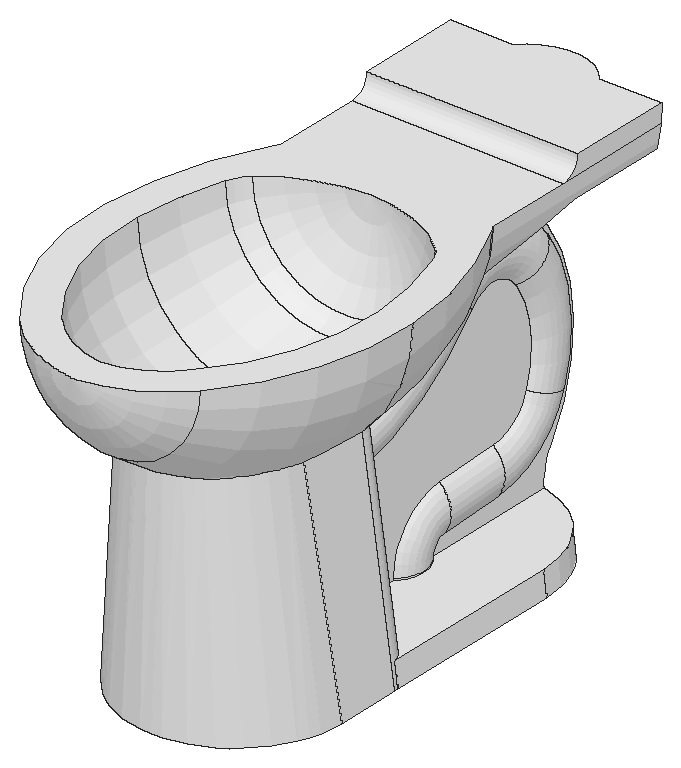
Revit family "Bowl-Toilet-American_Standard-Cadet-3517A.101.020", category Plumbing Fixtures, Revit 2015
Parameters (values of type "215AA 004.020")
  Width = 17 3/8"
  Waste Connection Radius = 1 1/16"
  Waste Connection Diameter = Waste Connection Radius * 2  # 2 1/8"
  Waste Connection = yes
  Warranty Information = "5 Years Limited"
  WFU = 5
  Vent Connection = no
  URL = "http://www.americanstandard-us.com"
  Type Comments = "Available Finishes: White, Linen, Bone and Black."
  Shipping Weight = "80lb (40.7kg)"
  Right Trip Lever = no
  Revised Date = "01/14/2019"  # constant formula
  Product Page URL = "https://www.americanstandard-us.com/bathroom/toilets/cadet-pro-right-height-elongated-16-gpf-toilet-22958"
  Product Documentation Link = "https://www.americanstandard-us.com/-/media/sites/asus/files/product-specs/bulk/specsheet215aa004.pdf?la=en"
  Price = "Prices may vary. Please consult Manufacturer Representative for most up-to-date price list."  # constant formula
  Model = "215AA 004.020"
  Material = "Vitreous China-American Standard-020-White"
  Manufacturer = "American Standard"
  Length = 30 1/8"
  Left Trip Lever = yes
  Installation Type = "Floor Mounted"
  Height = 30 3/8"
  HWFU = 0
  HW Connection = no
  Flush Rate = "1.6 gpf (6.0Lpf)"
  Finish = Vitreous China-American Standard-020-White
  Description = "Cadet PRO Right Height Elongated 1.6 gpf Toilet"
  Default Elevation = 0"
  Creation Date = "13/11/2012"  # constant formula
  Cold Water Connection Width = 6"
  Cold Water Connection Radius = 1/4"
  Cold Water Connection Height = 10"
  Cold Water Connection Diameter = Cold Water Connection Radius * 2  # 1/2"
  CWFU = 5
  CW Connection = yes
  Bowl Shape = "Elongated"
  Assembly Code = "D2010110"
  Aquaguard Liner = no
  ADA Compliant = yes
Types (14): name | Type Comments | Right Trip Lever | Product Page URL | Product Documentation Link | Model | Material | Left Trip Lever | Flush Rate | Finish | Description | Aquaguard Liner
  215AA.104.020 | "Available Finishes: White, Linen, Bone and Black." | no | "https://www.americanstandard-us.com/bathroom/toilets/cadet-pro-right-height-elongated-128-gpf-toilet-22685" | "https://www.americanstandard-us.com/-/media/sites/asus/files/product-specs/bulk/specsheet215aa104.pdf?la=en" | "215AA.104.020" | "Vitreous China-American Standard-020-White" | yes | "1.28 gpf (4.8Lpf)" | Vitreous China-American Standard-020-White | "Cadet PRO Right Height Elongated 1.28 gpf Toilet" | no
  215AA.154.020 | "Available Finishes: White, Linen and Bone." | no | "https://www.americanstandard-us.com/bathroom/toilets/cadet-pro-right-height-elongated-128-gpf-toilet-22685" | "https://www.americanstandard-us.com/-/media/sites/asus/files/product-specs/bulk/specsheet215aa104.pdf?la=en" | "215AA.154.020" | "Vitreous China-American Standard-020-White" | yes | "1.28 gpf (4.8Lpf)" | Vitreous China-American Standard-020-White | "Cadet PRO Right Height Elongated 1.28 gpf Toilet" | yes
  215AA 004.020 | "Available Finishes: White, Linen, Bone and Black." | no | "https://www.americanstandard-us.com/bathroom/toilets/cadet-pro-right-height-elongated-16-gpf-toilet-22958" | "https://www.americanstandard-us.com/-/media/sites/asus/files/product-specs/bulk/specsheet215aa004.pdf?la=en" | "215AA 004.020" | "Vitreous China-American Standard-020-White" | yes | "1.6 gpf (6.0Lpf)" | Vitreous China-American Standard-020-White | "Cadet PRO Right Height Elongated 1.6 gpf Toilet" | no
  215AA 004.021 | "Available Finishes: White, Linen, Bone and Black." | no | "https://www.americanstandard-us.com/bathroom/toilets/cadet-pro-right-height-elongated-16-gpf-toilet-22958" | "https://www.americanstandard-us.com/-/media/sites/asus/files/product-specs/bulk/specsheet215aa004.pdf?la=en" | "215AA 004.021" | "Vitreous China-American Standard-021-Bone" | yes | "1.6 gpf (6.0Lpf)" | Vitreous China-American Standard-021-Bone | "Cadet PRO Right Height Elongated 1.6 gpf Toilet" | no
  215AA 004.222 | "Available Finishes: White, Linen, Bone and Black." | no | "https://www.americanstandard-us.com/bathroom/toilets/cadet-pro-right-height-elongated-16-gpf-toilet-22958" | "https://www.americanstandard-us.com/-/media/sites/asus/files/product-specs/bulk/specsheet215aa004.pdf?la=en" | "215AA 004.222" | "Vitreous China-American Standard-222-Linen" | yes | "1.6 gpf (6.0Lpf)" | Vitreous China-American Standard-222-Linen | "Cadet PRO Right Height Elongated 1.6 gpf Toilet" | no
  215AA.005.020 | "Available Finishes: White, Linen, Bone and Black." | yes | "https://www.americanstandard-us.com/bathroom/toilets/cadet-pro-right-height-elongated-16-gpf-toilet-22958" | "https://www.americanstandard-us.com/-/media/sites/asus/files/product-specs/bulk/specsheet215aa004.pdf?la=en" | "215AA.005.020" | "Vitreous China-American Standard-020-White" | no | "1.6 gpf (6.0Lpf)" | Vitreous China-American Standard-020-White | "Cadet PRO Right Height Elongated 1.6 gpf Toilet" | no
  215AA.104.021 | "Available Finishes: White, Linen, Bone and Black." | no | "https://www.americanstandard-us.com/bathroom/toilets/cadet-pro-right-height-elongated-128-gpf-toilet-22685" | "https://www.americanstandard-us.com/-/media/sites/asus/files/product-specs/bulk/specsheet215aa104.pdf?la=en" | "215AA.104.021" | "Vitreous China-American Standard-021-Bone" | yes | "1.28 gpf (4.8Lpf)" | Vitreous China-American Standard-021-Bone | "Cadet PRO Right Height Elongated 1.28 gpf Toilet" | no
  215AA.104.222 | "Available Finishes: White, Linen, Bone and Black." | no | "https://www.americanstandard-us.com/bathroom/toilets/cadet-pro-right-height-elongated-128-gpf-toilet-22685" | "https://www.americanstandard-us.com/-/media/sites/asus/files/product-specs/bulk/specsheet215aa104.pdf?la=en" | "215AA.104.222" | "Vitreous China-American Standard-222-Linen" | yes | "1.28 gpf (4.8Lpf)" | Vitreous China-American Standard-222-Linen | "Cadet PRO Right Height Elongated 1.28 gpf Toilet" | no
  215AA.105.020 | "Available Finishes: White, Linen, Bone and Black." | yes | "https://www.americanstandard-us.com/bathroom/toilets/cadet-pro-right-height-elongated-128-gpf-toilet-22685" | "https://www.americanstandard-us.com/-/media/sites/asus/files/product-specs/bulk/specsheet215aa104.pdf?la=en" | "215AA.105.020" | "Vitreous China-American Standard-020-White" | no | "1.28 gpf (4.8Lpf)" | Vitreous China-American Standard-020-White | "Cadet PRO Right Height Elongated 1.28 gpf Toilet" | no
  215AA.154.021 | "Available Finishes: White, Linen and Bone." | no | "https://www.americanstandard-us.com/bathroom/toilets/cadet-pro-right-height-elongated-128-gpf-toilet-22685" | "https://www.americanstandard-us.com/-/media/sites/asus/files/product-specs/bulk/specsheet215aa104.pdf?la=en" | "215AA.154.021" | "Vitreous China-American Standard-021-Bone" | yes | "1.28 gpf (4.8Lpf)" | Vitreous China-American Standard-021-Bone | "Cadet PRO Right Height Elongated 1.28 gpf Toilet" | yes
  215AA.154.222 | "Available Finishes: White, Linen and Bone." | no | "https://www.americanstandard-us.com/bathroom/toilets/cadet-pro-right-height-elongated-128-gpf-toilet-22685" | "https://www.americanstandard-us.com/-/media/sites/asus/files/product-specs/bulk/specsheet215aa104.pdf?la=en" | "215AA.154.222" | "Vitreous China-American Standard-222-Linen" | yes | "1.28 gpf (4.8Lpf)" | Vitreous China-American Standard-222-Linen | "Cadet PRO Right Height Elongated 1.28 gpf Toilet" | yes
  215AA 054.020 | "Available Finishes: White, Linen, Bone and Black." | no | "https://www.americanstandard-us.com/bathroom/toilets/cadet-pro-right-height-elongated-16-gpf-toilet-22958" | "https://www.americanstandard-us.com/-/media/sites/asus/files/product-specs/bulk/specsheet215aa004.pdf?la=en" | "215AA 054.020" | "Vitreous China-American Standard-020-White" | yes | "1.6 gpf (6.0Lpf)" | Vitreous China-American Standard-020-White | "Cadet PRO Right Height Elongated 1.6 gpf Toilet" | yes
  215AA 054.021 | "Available Finishes: White, Linen, Bone and Black." | no | "https://www.americanstandard-us.com/bathroom/toilets/cadet-pro-right-height-elongated-16-gpf-toilet-22958" | "https://www.americanstandard-us.com/-/media/sites/asus/files/product-specs/bulk/specsheet215aa004.pdf?la=en" | "215AA 054.021" | "Vitreous China-American Standard-021-Bone" | yes | "1.6 gpf (6.0Lpf)" | Vitreous China-American Standard-021-Bone | "Cadet PRO Right Height Elongated 1.6 gpf Toilet" | yes
  215AA 054.222 | "Available Finishes: White, Linen, Bone and Black." | no | "https://www.americanstandard-us.com/bathroom/toilets/cadet-pro-right-height-elongated-16-gpf-toilet-22958" | "https://www.americanstandard-us.com/-/media/sites/asus/files/product-specs/bulk/specsheet215aa004.pdf?la=en" | "215AA 054.222" | "Vitreous China-American Standard-222-Linen" | yes | "1.6 gpf (6.0Lpf)" | Vitreous China-American Standard-222-Linen | "Cadet PRO Right Height Elongated 1.6 gpf Toilet" | yes
Reference planes (in)
  plane 1 "Center (Front/Back)": y = 0
  plane 2: z = 0
  plane 3 "Center (Left/Right)": x = 0
  plane 4: z = 16.5
  plane 5: y = -12
  plane 6: y = -25.625
  plane 7: y = -30.125
  plane 8: x = 7
  plane 9: x = -4.8125
  plane 10: x = 4.8125
  plane 11: x = -8.6875
  plane 12: x = 8.6875
  plane 13: z = 30.375
  plane 14: x = -6
  plane 15: z = 10
Forms (in)
  Revolve 1, solid, material "Vitreous China-American Standard-020-White" <- "Finish"
    sketch origin (0, -56, 16.5) x (-1, 0, 0) y (0, -1, 0)
      loop
        arc (-4.12967, -28.04262) -> (-6.37119, -32.00154) -> (-7, -36.50732) r 12.15415
        arc (-7, -36.50732) -> (-6.40061, -40.13217) -> (-4.99558, -43.52699) r 16.11172
        arc (-4.99558, -43.52699) -> (-2.89847, -45.67803) -> (0, -46.46783) r 5.7134
        line (0, -46.46783) -> (0, -42.90581)
        arc (0, -42.90581) -> (-2.23093, -42.49218) -> (-4.1667, -41.30856) r 6.2431
        arc (-4.1667, -41.30856) -> (-4.49736, -40.9258) -> (-4.72141, -40.47232) r 2
        arc (-4.72141, -40.47232) -> (-5.2545, -38.48023) -> (-5.50185, -36.43294) r 14.61172
        arc (-5.50185, -36.43294) -> (-4.95064, -32.48324) -> (-2.98576, -29.01291) r 10.65415
        arc (-2.98576, -29.01291) -> (-1.64441, -27.92052) -> (0, -27.38342) r 4.73049
        line (0, -27.38342) -> (0, -25.87348)
        arc (0, -25.87348) -> (-2.2755, -26.55699) -> (-4.12967, -28.04262) r 6.23049
      axis (0, -25.87348) -> (0, -46.46783)
    angle from 0 to 180
  Blend 2, solid, material "Vitreous China-American Standard-020-White" <- "Finish"
    base sketch origin (0, 0, 0) x (1, 0, 0) y (0, 1, 0)
      loop
        arc (-3.8125, -16.75) -> (-4.51961, -17.04289) -> (-4.8125, -17.75) r 1
        line (-4.8125, -17.75) -> (-4.8125, -20.8125)
        arc (-4.8125, -20.8125) -> (0, -25.625) -> (4.8125, -20.8125) r 4.8125
        line (4.8125, -20.8125) -> (4.8125, -17.75)
        arc (4.8125, -17.75) -> (4.51961, -17.04289) -> (3.8125, -16.75) r 1
        line (3.8125, -16.75) -> (-3.8125, -16.75)
    top sketch origin (0, 0, 0) x (1, 0, 0) y (0, 1, 0)
      loop
        arc (-3.75, -21.6875) -> (0, -25.4375) -> (3.75, -21.6875) r 3.75
        line (3.75, -21.6875) -> (3.75, -18.33927)
        arc (3.75, -18.33927) -> (3.54057, -17.7269) -> (3, -17.37103) r 1
        line (3, -17.37103) -> (-2.75, -17.37103)
        arc (-2.75, -17.37103) -> (-3.45711, -17.66392) -> (-3.75, -18.37103) r 1
        line (-3.75, -18.37103) -> (-3.75, -21.6875)
    from 0 to 10.89525
  Extrusion 3, solid, material "Vitreous China-American Standard-020-White" <- "Finish"
    sketch origin (0, 0, 0) x (0, 1, 0) y (0, 0, 1)
      loop
        line (-12.25, 14.27465) -> (-7.35095, 15.49612) -> (-2.71683, 15.49612) -> (-2.55632, 17.33072) -> (-7.32075, 17.33072)
        arc (-7.32075, 17.33072) -> (-7.56407, 16.74331) -> (-8.15147, 16.5) r 0.83072
        line (-8.15147, 16.5) -> (-12.25, 16.5) -> (-12.25, 14.27465)
    from -4.8125 to 4.8125
  Extrusion 4, void
    sketch origin (0, 0, 0) x (1, 0, 0) y (0, 0, 1)
      loop
        line (-4.8125, 16.5) -> (-6.09692, 16.5) -> (-4.84115, 13.80699) -> (-3.98846, 13.80699)
        arc (-3.98846, 13.80699) -> (-4.60188, 15.09187) -> (-4.8125, 16.5) r 4.8125
      loop
        arc (4.8125, 16.5) -> (4.60188, 15.09187) -> (3.98846, 13.80699) r 4.8125
        line (3.98846, 13.80699) -> (4.64815, 13.80699) -> (5.90392, 16.5) -> (4.8125, 16.5)
    from 0 to 13.84683
  Sweep 5, solid, material "Vitreous China-American Standard-020-White" <- "Finish"
    path origin (0, 0, 0) x (0, 1, 0) y (0, 0, 1)
      loop
        line (-12, -0.01756) -> (-12, 1.20141)
        arc (-12, 1.20141) -> (-11.54229, 2.34867) -> (-10.42056, 2.8658) r 1.66667
        line (-10.42056, 2.8658) -> (-7.3527, 3.02658)
        arc (-7.3527, 3.02658) -> (-5.57994, 3.66678) -> (-4.46063, 5.18325) r 3.25
        arc (-4.46063, 5.18325) -> (-4.15543, 8.05407) -> (-5.18744, 10.75031) r 6.18053
        arc (-5.18744, 10.75031) -> (-7.32561, 11.94157) -> (-9.56637, 10.95674) r 2.75
        arc (-9.56637, 10.95674) -> (-13.3438, 8.13803) -> (-17.98696, 7.32856) r 10.15358
    profile origin (0, -12, 0.59192) x (0, -1, 0) y (1, 0, 0)
      loop
        circle (0, 0) r 1.5
  Extrusion 6, solid, material "Vitreous China-American Standard-020-White" <- "Finish"
    sketch origin (0.13358, 0, 0) x (0, 1, 0) y (0, 0, 1)
      loop
        line (-2.71683, 15.49612) -> (-8.60345, 15.49612) -> (-11.8294, 14.6918) -> (-19.64375, 7.79351) -> (-19.06033, 1.125) -> (-4.45903, 1.125) -> (-4.47521, 1.30995)
        arc (-4.47521, 1.30995) -> (-4.41652, 2.07249) -> (-4.11521, 2.77542) r 2.34113
        arc (-4.11521, 2.77542) -> (-2.84534, 7.32459) -> (-4.33736, 11.80581) r 8.07443
        arc (-4.33736, 11.80581) -> (-4.42818, 12.13706) -> (-4.28387, 12.44874) r 0.5
        arc (-4.28387, 12.44874) -> (-3.26284, 13.85029) -> (-2.71683, 15.49612) r 5.62925
    from -1.13358 to 0.86642
  Extrusion 7, solid, material "Vitreous China-American Standard-020-White" <- "Finish"
    sketch origin (0, 0, 0) x (1, 0, 0) y (0, 1, 0)
      loop
        line (-4.8125, -17.62354) -> (4.8125, -17.62354) -> (4.8125, -9.12354)
        arc (4.8125, -9.12354) -> (0, -4.31104) -> (-4.8125, -9.12354) r 4.8125
        line (-4.8125, -9.12354) -> (-4.8125, -17.62354)
    from 0 to 1.125
  Extrusion 8, solid, material "Vitreous China-American Standard-020-White" <- "Finish"
    sketch origin (0, 0, 0) x (1, 0, 0) y (0, 1, 0)
      loop
        arc (2.5, -4.11334) -> (0, -1.61334) -> (-2.5, -4.11334) r 2.5
        line (-2.5, -4.11334) -> (2.5, -4.11334)
    from 17.33072 to 15.49612
  Sweep 9, void
    path origin (0, 0, 0) x (1, 0, 0) y (0, 1, 0)
      loop
        line (4.8125, -17.62354) -> (4.8125, -9.12354)
        arc (4.8125, -9.12354) -> (0, -4.31104) -> (-4.8125, -9.12354) r 4.8125
        line (-4.8125, -9.12354) -> (-4.8125, -17.62354)
    profile origin (-4.8125, -9.12354, 0) x (1, 0, 0) y (0, 0, 1)
      loop
        line (0, 0) -> (0.14613, 1.5301) -> (0, 1.5301) -> (0, 0)
  Sweep 10, solid, material "Vitreous China-American Standard-020-White" <- "Finish"
    path origin (0, 0, 0) x (0, 1, 0) y (0, 0, 1)
      loop
        line (-2.71683, 15.49612) -> (-6.10434, 15.49612)
        arc (-6.10434, 15.49612) -> (-7.34166, 15.42044) -> (-8.56054, 15.19453) r 10.15287
        line (-8.56054, 15.19453) -> (-12.11499, 14.30831)
        arc (-12.11499, 14.30831) -> (-12.16655, 14.29875) -> (-12.21888, 14.29555) r 0.42942
        line (-12.21888, 14.29555) -> (-12.46888, 14.29555)
    profile origin (0, -4.41059, 15.49612) x (0, 0, -1) y (1, 0, 0)
      loop
        arc (0, -1.88161) -> (1.42971, 0) -> (0, 1.88161) r 1.95302
        line (0, 1.88161) -> (0, -1.88161)
  Extrusion 11, void
    sketch origin (0, 0, 0) x (0, 1, 0) y (0, 0, 1)
      loop
        arc (-2.71683, 15.49612) -> (-2.97922, 14.49926) -> (-3.41898, 13.56697) r 5.62925
        arc (-3.41898, 13.56697) -> (-2.48785, 14.32042) -> (-2.71683, 15.49612) r 1.1621
    from -6 to 7
  Extrusion 12, solid, material "Vitreous China-American Standard-020-White"
    sketch origin (0, 0.03125, 0) x (1, 0, 0) y (0, 0, 1)
      loop
        circle (-6, 10) r 0.25
    from 0 to 0.03125
Cuts and joins
  Sweep 9, Extrusion 11 cuts Revolve 1
  Sweep 9, Extrusion 11 cuts Blend 2
  Extrusion 4, Sweep 9, Extrusion 11 cuts Extrusion 3
  Sweep 9, Extrusion 11 cuts Sweep 5
  Sweep 9, Extrusion 11 cuts Extrusion 6
  Sweep 9, Extrusion 11 cuts Extrusion 7
  Sweep 9, Extrusion 11 cuts Extrusion 8
  Extrusion 11 cuts Sweep 10
  joined: Revolve 1, Blend 2, Extrusion 3, Sweep 5, Extrusion 6, Extrusion 7, Extrusion 8, Sweep 10
Dimensions and locks (in)
  "Width": plane 12 to plane 11
  "Height": plane 13 to level
  "Length": plane 1 "Center (Front/Back)" to plane 7
  "Cold Water Connection Width": plane 3 "Center (Left/Right)" to plane 14
  "Cold Water Connection Height": plane 15 to level
  radius of Blend 2 sketch curve = 4 13/16"
  aligned and locked: plane 14 to Extrusion 12 sketch curve
  aligned and locked: plane 15 to Extrusion 12 sketch curve
Automatic sketch dimensions
  Revolve 1 sketch curve to Revolve 1 sketch curve = 0"  (x16)
  Revolve 1 sketch curve to plane 8 = 0"  (x2)
  Revolve 1 sketch curve to plane 3 "Center (Left/Right)" = 0"  (x3)
  Revolve 1 sketch curve to plane 10 = 0.68935"
  Revolve 1 sketch curve to plane 10 = 0.18308"
  plane 10 to Revolve 1 sketch curve = 0.09109"
  plane 10 to Revolve 1 sketch curve = 0.6458"
  plane 10 to Revolve 1 sketch curve = 0.68283"
  Revolve 1 sketch curve to Revolve 1 sketch curve = 1.14391"
  plane 10 to Revolve 1 sketch curve = 1.98181"
  Revolve 1 sketch curve to plane 3 "Center (Left/Right)" = 0.00372"
  Revolve 1 sketch curve to plane 3 "Center (Left/Right)" = 0.62176"
  Revolve 1 sketch curve to plane 11 = 0.4044"
  Revolve 1 sketch curve to Revolve 1 sketch curve = 1.58959"
  Revolve 1 sketch curve to Revolve 1 sketch curve = 2.94084"
  Extrusion 3 sketch curve to plane 4 = 0"
  Extrusion 3 sketch curve to plane 5 = 1/4"
  plane 4 to Extrusion 3 sketch curve = 0.83072"
  Extrusion 3 sketch curve to Extrusion 3 sketch curve = 0.80052"
  Extrusion 3 sketch curve to plane 4 = 1.00388"
  Extrusion 3 sketch curve to Extrusion 3 sketch curve = 2.22535"
  Sweep 5 sketch curve to plane 3 "Center (Left/Right)" = 0"
  Sweep 5 sketch curve to profile plane = 0"
  Extrusion 6 sketch curve to plane 6 = 5.98125"
  level to Extrusion 6 sketch curve = 1 1/8"
  Extrusion 6 sketch curve to plane 6 = 6.56467"
  plane 5 to Extrusion 6 sketch curve = 0.1706"
  Extrusion 6 sketch curve to plane 4 = 1.00388"
  Extrusion 6 sketch curve to plane 4 = 0.07542"
  Extrusion 6 sketch curve to Extrusion 6 sketch curve = 0.33446"
  Extrusion 6 sketch curve to Extrusion 6 sketch curve = 0"  (x3)
  Extrusion 6 sketch curve to Extrusion 6 sketch curve = 0.35397"
  plane 1 "Center (Front/Back)" to Extrusion 6 sketch curve = 2.71683"
  level to Extrusion 6 sketch curve = 1.51399"
  Extrusion 6 sketch curve to plane 4 = 1.8082"
  Extrusion 8 sketch curve to plane 3 "Center (Left/Right)" = 0"
  plane 9 to Extrusion 8 sketch curve = 2 5/16"
  Sweep 9 sketch curve to level = 0"
  profile plane to Sweep 9 sketch curve = 0"
  Sweep 9 sketch curve to profile plane = 0.14613"
  Sweep 9 sketch curve to Sweep 9 sketch curve = 1.5301"
  Sweep 10 sketch curve to plane 5 = 0.46888"
  Sweep 10 sketch curve to plane 5 = 0.21888"
  Sweep 10 sketch curve to Sweep 10 sketch curve = 0.10389"
  Sweep 10 sketch curve to plane 4 = 1.30547"
  Sweep 10 sketch curve to plane 4 = 1.77503"
  Sweep 10 sketch curve to Sweep 10 sketch curve = 0.41666"
  level to Sweep 10 sketch curve = 5.34325"
  Sweep 10 sketch curve to plane 3 "Center (Left/Right)" = 0"
  Sweep 10 sketch curve to profile plane = 0"
  profile plane to Sweep 10 sketch curve = 0.52331"
  Sweep 10 sketch curve to plane 3 "Center (Left/Right)" = 1.88161"
  Extrusion 11 sketch curve to plane 4 = 0.07542"
  Extrusion 11 sketch curve to Extrusion 11 sketch curve = 0.86303"
  Extrusion 11 sketch curve to plane 4 = 1.00388"
  plane 5 to Extrusion 6 sketch curve = 1.08268"
  Extrusion 6 sketch curve to Extrusion 6 sketch curve = 3.22595"
  Sweep 10 sketch curve to Sweep 10 sketch curve = 2.4562"
  plane 5 to Revolve 1 sketch curve = 4.05743"
  plane 5 to Extrusion 3 sketch curve = 3.84853"
  Extrusion 6 sketch curve to Extrusion 6 sketch curve = 0.01618"
  Extrusion 6 sketch curve to Extrusion 6 sketch curve = 1.62053"
  Extrusion 6 sketch curve to Extrusion 6 sketch curve = 0.35999"
  plane 5 to Sweep 10 sketch curve = 3.43946"
  plane 5 to Extrusion 11 sketch curve = 3.73102"
  Extrusion 11 sketch curve to Extrusion 11 sketch curve = 0.16088"
  plane 1 "Center (Front/Back)" to Extrusion 3 sketch curve = 2.71683"
  Extrusion 3 sketch curve to Extrusion 3 sketch curve = 0.16051"
  level to Extrusion 6 sketch curve = 1.30995"
  plane 1 "Center (Front/Back)" to Extrusion 8 sketch curve = 4.11334"
  plane 1 "Center (Front/Back)" to Sweep 10 sketch curve = 2.71683"
  Extrusion 11 sketch curve to plane 4 = 1.78212"
  plane 1 "Center (Front/Back)" to Extrusion 6 sketch curve = 4.47521"
  Extrusion 6 sketch curve to Extrusion 6 sketch curve = 6.66851"
  Sweep 5 sketch curve to plane 5 = 0"
  plane 4 to Sweep 5 sketch curve = 0.96286"
  Sweep 5 sketch curve to plane 5 = 5.3616"
  plane 15 to Sweep 5 sketch curve = 2.67144"
  Sweep 5 sketch curve to plane 5 = 5.98696"
  plane 5 to Sweep 5 sketch curve = 1.57944"
  plane 5 to Sweep 5 sketch curve = 1.66667"
  plane 5 to Sweep 5 sketch curve = 1.71605"
  Sweep 5 sketch curve to plane 15 = 0.95674"
  plane 5 to Sweep 5 sketch curve = 2.43363"
  Sweep 5 sketch curve to Sweep 5 sketch curve = 2.76116"
  plane 15 to Sweep 5 sketch curve = 0.80538"
  Sweep 5 sketch curve to Sweep 5 sketch curve = 3.06786"
  Sweep 5 sketch curve to plane 15 = 0.75031"
  Sweep 5 sketch curve to Sweep 5 sketch curve = 0"  (x2)
  Sweep 5 sketch curve to Sweep 5 sketch curve = 3.06217"
  level to Sweep 5 sketch curve = 2.8658"
  Sweep 5 sketch curve to level = 0.01756"
  Extrusion 4 sketch curve to plane 4 = 0"
  Extrusion 4 sketch curve to plane 9 = 0"
  Extrusion 4 sketch curve to plane 3 "Center (Left/Right)" = 0"
  Extrusion 4 sketch curve to plane 14 = 0.09692"
  Extrusion 4 sketch curve to plane 9 = 0.02865"
  plane 10 to Extrusion 4 sketch curve = 0.16435"
  Extrusion 4 sketch curve to Extrusion 4 sketch curve = 1.09142"
  Extrusion 4 sketch curve to Extrusion 4 sketch curve = 0"  (x2)
  plane 10 to Extrusion 4 sketch curve = 0.82404"
  Extrusion 4 sketch curve to plane 10 = 0"
  plane 9 to Extrusion 4 sketch curve = 0.82404"
  Blend 2 sketch curve to plane 9 = 0"
  Blend 2 sketch curve to Blend 2 sketch curve = 1"
  plane 10 to Blend 2 sketch curve = 1"
  Blend 2 sketch curve to plane 6 = 4 13/16"
  Blend 2 sketch curve to Blend 2 sketch curve = 3 1/16"
  Blend 2 sketch curve to plane 3 "Center (Left/Right)" = 0"
  plane 9 to Blend 2 sketch curve = 2 1/16"
  plane 9 to Blend 2 sketch curve = 1 1/16"
  Blend 2 sketch curve to Blend 2 sketch curve = 3/4"
  Blend 2 sketch curve to plane 6 = 3 15/16"
  Blend 2 sketch curve to Blend 2 sketch curve = 3.31647"
  Blend 2 sketch curve to Blend 2 sketch curve = 1/4"
  Extrusion 7 sketch curve to plane 9 = 0"
  Extrusion 7 sketch curve to plane 3 "Center (Left/Right)" = 0"
  Extrusion 7 sketch curve to plane 5 = 5.62354"
  plane 5 to Extrusion 7 sketch curve = 2.87646"
  Sweep 9 sketch curve to plane 9 = 0"
  Sweep 9 sketch curve to plane 3 "Center (Left/Right)" = 0"
  Sweep 9 sketch curve to plane 5 = 5.62354"  (x2)
  plane 5 to Sweep 9 sketch curve = 2.87646"
  radius of Sweep 5 sketch curve = 1 1/2"
  radius of Extrusion 12 sketch curve = 1/4"
Connectors (in)
  piping at (-6, 0.03125, 10), diameter 0.5, driven by "Cold Water Connection Radius", driven by "CWFU"
    settings: on Extrusion 12, index 1, connector inside diameter 1/2", connector length 0", flow factor 0, pipe flow 0 GPM, pressure drop 0.00 psi, fitting loss kfactor 0, connector angle 0.00°, fixture units 5, engagement length 0", angle of deflection 0.00°, flow configuration 3, flow direction 1, fitting loss method 0, system type 20, joint type 0, gender type 0, connector reference index -1, connector utility 0, adjustable connector no, is connector primary yes, connector description "1/2\" CW Inlet"
  piping at (0, -12, -0.01756), diameter 2.125, driven by "Waste Connection Radius", driven by "WFU"
    settings: on cut or joined group of Revolve 1, Blend 2, Extrusion 3, Extrusion 4, Sweep 5, Extrusion 6, Extrusion 7, Extrusion 8, Sweep 9, Sweep 10, Extrusion 11, index 2, connector inside diameter 2 1/8", connector length 0", flow factor 0, pipe flow 0 GPM, pressure drop 0.00 psi, fitting loss kfactor 0, connector angle 0.00°, fixture units 5, engagement length 0", angle of deflection 0.00°, flow configuration 3, flow direction 2, fitting loss method 0, system type 16, joint type 0, gender type 0, connector reference index -1, connector utility 0, adjustable connector no, is connector primary no, connector description "2-1/8\" Waste Outlet"
